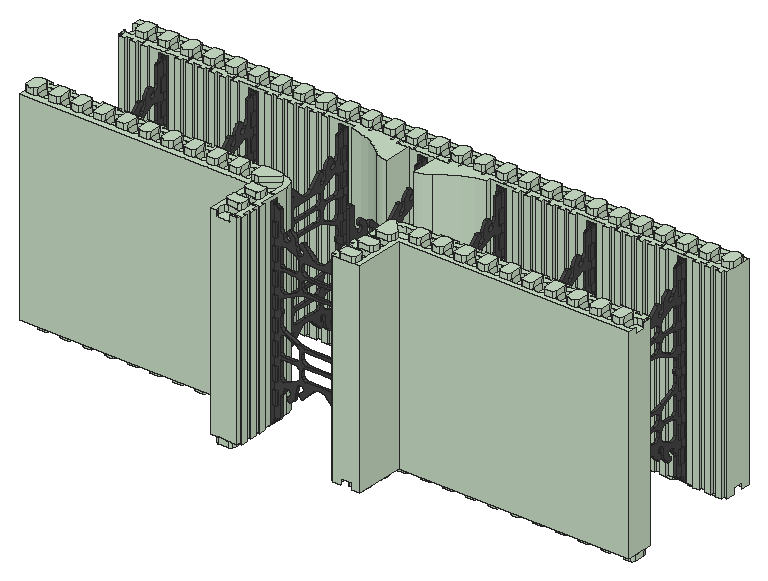
Revit family
Reference planes (in)
  plane 1 "Center (Front/Back)": y = -1
  plane 2: z = 0
  plane 3 "Center (Left/Right)": x = 1
  plane 4: y = 3
  plane 5: y = -5
  plane 6: x = 5
  plane 7: x = -3
  plane 8: z = 18
Forms (in)
  Extrusion 1, solid, material "NUDURA Expanded Polystyrene Foam Insulation"
    sketch origin (0, 0, 0) x (1, 0, 0) y (0, 1, 0)
      loop
        arc (-3.25, -6.49998) -> (-3.61612, -5.6161) -> (-4.5, -5.24998) r 1.25
        line (-4.5, -5.24998) -> (-7.28117, -5.24998) -> (-7.21883, -4.99998) -> (-7.78117, -4.99998) -> (-7.71883, -5.24998) -> (-8.28117, -5.24998) -> (-8.21883, -4.99998) -> (-8.78117, -4.99998) -> (-8.71883, -5.24998) -> (-9.28117, -5.24998) -> (-9.21883, -4.99998) -> (-9.78117, -4.99998) -> (-9.71883, -5.24998) -> (-10.28117, -5.24998) -> (-10.21883, -4.99998) -> (-10.78117, -4.99998) -> (-10.71883, -5.24998) -> (-11.2818, -5.24998) -> (-11.21947, -4.99998) -> (-11.7818, -4.99998) -> (-11.71947, -5.24998) -> (-12.2818, -5.24998) -> (-12.21947, -4.99998) -> (-12.7818, -4.99998) -> (-12.71947, -5.24998) -> (-15.28116, -5.24998) -> (-15.21883, -4.99998) -> (-15.78116, -4.99998) -> (-15.71883, -5.24998) -> (-16.28116, -5.24998) -> (-16.21883, -4.99998) -> (-16.78116, -4.99998) -> (-16.71883, -5.24998) -> (-17.28116, -5.24998) -> (-17.21883, -4.99998) -> (-17.78116, -4.99998) -> (-17.71883, -5.24998) -> (-18.28179, -5.24998) -> (-18.21946, -4.99998) -> (-18.78179, -4.99998) -> (-18.71946, -5.24998) -> (-19.28179, -5.24998) -> (-19.21946, -4.99998) -> (-19.78179, -4.99998) -> (-19.71946, -5.24998) -> (-20.28179, -5.24998) -> (-20.21946, -4.99998) -> (-20.78179, -4.99998) -> (-20.71946, -5.24998) -> (-23.28115, -5.24998) -> (-23.21882, -4.99998) -> (-23.78115, -4.99998) -> (-23.71882, -5.24998) -> (-24.28115, -5.24998) -> (-24.21882, -4.99998) -> (-24.78115, -4.99998) -> (-24.71882, -5.24998) -> (-25.28115, -5.24998) -> (-25.21882, -4.99998) -> (-25.78115, -4.99998) -> (-25.71882, -5.24998) -> (-26, -5.24998) -> (-26, -7.62244) -> (-5.625, -7.62244) -> (-5.625, -11.99744) -> (-3.25, -11.99744) -> (-3.25, -11.71882) -> (-3, -11.78115) -> (-3, -11.21882) -> (-3.25, -11.28115) -> (-3.25, -10.71882) -> (-3, -10.78115) -> (-3, -10.21882) -> (-3.25, -10.28115) -> (-3.25, -9.71882) -> (-3, -9.78115) -> (-3, -9.21882) -> (-3.25, -9.28115) -> (-3.25, -6.49998)
      loop
        line (7, 2.875) -> (7, 3.25) -> (9.28117, 3.25) -> (9.21883, 3) -> (9.78117, 3) -> (9.71883, 3.25) -> (10.28117, 3.25) -> (10.21883, 3) -> (10.78117, 3) -> (10.71883, 3.25) -> (11.28117, 3.25) -> (11.21883, 3) -> (11.78117, 3) -> (11.71883, 3.25) -> (12.28053, 3.25) -> (12.2182, 3) -> (12.78053, 3) -> (12.7182, 3.25) -> (13.28053, 3.25) -> (13.2182, 3) -> (13.78053, 3) -> (13.7182, 3.25) -> (14.28053, 3.25) -> (14.2182, 3) -> (14.78053, 3) -> (14.7182, 3.25) -> (17.28116, 3.25) -> (17.21883, 3) -> (17.78116, 3) -> (17.71883, 3.25) -> (18.28116, 3.25) -> (18.21883, 3) -> (18.78116, 3) -> (18.71883, 3.25) -> (19.28116, 3.25) -> (19.21883, 3) -> (19.78116, 3) -> (19.71883, 3.25) -> (20.28053, 3.25) -> (20.21819, 3) -> (20.78053, 3) -> (20.71819, 3.25) -> (21.28053, 3.25) -> (21.21819, 3) -> (21.78053, 3) -> (21.71819, 3.25) -> (22.28053, 3.25) -> (22.21819, 3) -> (22.78053, 3) -> (22.71819, 3.25) -> (25.28115, 3.25) -> (25.21882, 3) -> (25.78115, 3) -> (25.71882, 3.25) -> (26.28115, 3.25) -> (26.21882, 3) -> (26.78115, 3) -> (26.71882, 3.25) -> (27.28115, 3.25) -> (27.21882, 3) -> (27.78115, 3) -> (27.71882, 3.25) -> (28, 3.25) -> (28, 5.62754) -> (3.25, 5.62754) -> (3.25, 5.17633) -> (3, 5.24332) -> (3, 4.63633) -> (3.25, 4.69867) -> (3.25, 4.17633) -> (3, 4.24332) -> (3, 3.63633) -> (3.25, 3.69867) -> (3.25, 3.25) -> (2.21883, 3.25) -> (2.21883, 0.75162)
        arc (2.21883, 0.75162) -> (2.91296, 0.90605) -> (3.50918, 1.29358) r 2
        arc (3.50918, 1.29358) -> (5.12304, 2.37468) -> (7, 2.875) r 5.91797
      loop
        line (-0.21883, 0.75162) -> (-0.21883, 3.25) -> (-1.25, 3.25) -> (-1.25, 3.69867) -> (-1, 3.63633) -> (-1, 4.24332) -> (-1.25, 4.17633) -> (-1.25, 4.69867) -> (-1, 4.63633) -> (-1, 5.24332) -> (-1.25, 5.17633) -> (-1.25, 5.62754) -> (-26, 5.62754) -> (-26, 3.25) -> (-25.71882, 3.25) -> (-25.78115, 3) -> (-25.21882, 3) -> (-25.28115, 3.25) -> (-24.71882, 3.25) -> (-24.78115, 3) -> (-24.21882, 3) -> (-24.28115, 3.25) -> (-23.71882, 3.25) -> (-23.78115, 3) -> (-23.21882, 3) -> (-23.28115, 3.25) -> (-20.71819, 3.25) -> (-20.78053, 3) -> (-20.21819, 3) -> (-20.28053, 3.25) -> (-19.71819, 3.25) -> (-19.78053, 3) -> (-19.21819, 3) -> (-19.28053, 3.25) -> (-18.71819, 3.25) -> (-18.78053, 3) -> (-18.21819, 3) -> (-18.28053, 3.25) -> (-17.71883, 3.25) -> (-17.78116, 3) -> (-17.21883, 3) -> (-17.28116, 3.25) -> (-16.71883, 3.25) -> (-16.78116, 3) -> (-16.21883, 3) -> (-16.28116, 3.25) -> (-15.71883, 3.25) -> (-15.78116, 3) -> (-15.21883, 3) -> (-15.28116, 3.25) -> (-12.7182, 3.25) -> (-12.78053, 3) -> (-12.2182, 3) -> (-12.28053, 3.25) -> (-11.7182, 3.25) -> (-11.78053, 3) -> (-11.2182, 3) -> (-11.28053, 3.25) -> (-10.7182, 3.25) -> (-10.78053, 3) -> (-10.2182, 3) -> (-10.28053, 3.25) -> (-9.71883, 3.25) -> (-9.78117, 3) -> (-9.21883, 3) -> (-9.28117, 3.25) -> (-8.71883, 3.25) -> (-8.78117, 3) -> (-8.21883, 3) -> (-8.28117, 3.25) -> (-7.71883, 3.25) -> (-7.78117, 3) -> (-7.21883, 3) -> (-7.28117, 3.25) -> (-5, 3.25) -> (-5, 2.875)
        arc (-5, 2.875) -> (-3.12304, 2.37468) -> (-1.50918, 1.29358) r 5.91797
        arc (-1.50918, 1.29358) -> (-0.91296, 0.90605) -> (-0.21883, 0.75162) r 2
      loop
        line (5.25, -6.49998) -> (5.25, -9.28115) -> (5, -9.21882) -> (5, -9.78115) -> (5.25, -9.71882) -> (5.25, -10.28115) -> (5, -10.21882) -> (5, -10.78115) -> (5.25, -10.71882) -> (5.25, -11.28115) -> (5, -11.21882) -> (5, -11.78115) -> (5.25, -11.71882) -> (5.25, -11.99998) -> (7.625, -11.99998) -> (7.625, -7.62244) -> (28, -7.62244) -> (28, -5.24998) -> (27.71882, -5.24998) -> (27.78115, -4.99998) -> (27.21882, -4.99998) -> (27.28115, -5.24998) -> (26.71882, -5.24998) -> (26.78115, -4.99998) -> (26.21882, -4.99998) -> (26.28115, -5.24998) -> (25.71882, -5.24998) -> (25.78115, -4.99998) -> (25.21882, -4.99998) -> (25.28115, -5.24998) -> (22.71946, -5.24998) -> (22.78179, -4.99998) -> (22.21946, -4.99998) -> (22.28179, -5.24998) -> (21.71946, -5.24998) -> (21.78179, -4.99998) -> (21.21946, -4.99998) -> (21.28179, -5.24998) -> (20.71946, -5.24998) -> (20.78179, -4.99998) -> (20.21946, -4.99998) -> (20.28179, -5.24998) -> (19.71883, -5.24998) -> (19.78116, -4.99998) -> (19.21883, -4.99998) -> (19.28116, -5.24998) -> (18.71883, -5.24998) -> (18.78116, -4.99998) -> (18.21883, -4.99998) -> (18.28116, -5.24998) -> (17.71883, -5.24998) -> (17.78116, -4.99998) -> (17.21883, -4.99998) -> (17.28116, -5.24998) -> (14.71947, -5.24998) -> (14.7818, -4.99998) -> (14.21947, -4.99998) -> (14.2818, -5.24998) -> (13.71947, -5.24998) -> (13.7818, -4.99998) -> (13.21947, -4.99998) -> (13.2818, -5.24998) -> (12.71947, -5.24998) -> (12.7818, -4.99998) -> (12.21947, -4.99998) -> (12.2818, -5.24998) -> (11.71883, -5.24998) -> (11.78117, -4.99998) -> (11.21883, -4.99998) -> (11.28117, -5.24998) -> (10.71883, -5.24998) -> (10.78117, -4.99998) -> (10.21883, -4.99998) -> (10.28117, -5.24998) -> (9.71883, -5.24998) -> (9.78117, -4.99998) -> (9.21883, -4.99998) -> (9.28117, -5.24998) -> (6.5, -5.24998)
        arc (6.5, -5.24998) -> (5.61612, -5.6161) -> (5.25, -6.49998) r 1.25
    from 0 to 18
  Extrusion 2, void
    sketch origin (0, 14, 0) x (1, 0, 0) y (0, 1, 0)
      loop
        arc (-5.13595, -25.17306) -> (-5.1875, -25.49998) -> (-5.13595, -25.8269) r 1.0625
        arc (-5.13595, -25.8269) -> (-5.0592, -25.94114) -> (-4.93362, -25.99744) r 0.25
        line (-4.93362, -25.99744) -> (-3.94138, -25.99744)
        arc (-3.94138, -25.99744) -> (-3.86932, -25.97564) -> (-3.80702, -25.93338) r 0.25
        arc (-3.80702, -25.93338) -> (-3.78736, -25.92104) -> (-3.76455, -25.91673) r 0.0625
        line (-3.76455, -25.91673) -> (-3.41845, -25.91673) -> (-3.41845, -25.7459) -> (-3.64005, -25.7459)
        arc (-3.64005, -25.7459) -> (-3.68771, -25.72383) -> (-3.70172, -25.67321) r 0.0625
        arc (-3.70172, -25.67321) -> (-3.69045, -25.4209) -> (-3.73905, -25.17306) r 1.0625
        arc (-3.73905, -25.17306) -> (-3.82983, -25.04783) -> (-3.97692, -24.99998) r 0.25
        line (-3.97692, -24.99998) -> (-4.89808, -24.99998)
        arc (-4.89808, -24.99998) -> (-5.04517, -25.04783) -> (-5.13595, -25.17306) r 0.25
    from 18 to 17.5
  Extrusion 3, void
    sketch origin (0, 16, 0) x (1, 0, 0) y (0, 1, 0)
      loop
        arc (-5.13595, -25.17306) -> (-5.1875, -25.49998) -> (-5.13595, -25.8269) r 1.0625
        arc (-5.13595, -25.8269) -> (-5.04517, -25.95213) -> (-4.89808, -25.99998) r 0.25
        line (-4.89808, -25.99998) -> (-3.97692, -25.99998)
        arc (-3.97692, -25.99998) -> (-3.88568, -25.98274) -> (-3.80702, -25.93338) r 0.25
        arc (-3.80702, -25.93338) -> (-3.78736, -25.92104) -> (-3.76455, -25.91673) r 0.0625
        line (-3.76455, -25.91673) -> (-3.41845, -25.91673) -> (-3.41845, -25.7459) -> (-3.64005, -25.7459)
        arc (-3.64005, -25.7459) -> (-3.68771, -25.72383) -> (-3.70172, -25.67321) r 0.0625
        arc (-3.70172, -25.67321) -> (-3.69045, -25.4209) -> (-3.73905, -25.17306) r 1.0625
        arc (-3.73905, -25.17306) -> (-3.82983, -25.04783) -> (-3.97692, -24.99998) r 0.25
        line (-3.97692, -24.99998) -> (-4.89808, -24.99998)
        arc (-4.89808, -24.99998) -> (-5.04517, -25.04783) -> (-5.13595, -25.17306) r 0.25
    from 18 to 17.5
  Extrusion 4, void
    sketch origin (0, -2, 0) x (1, 0, 0) y (0, 1, 0)
      loop
        line (-5.1875, -5.18748) -> (-5.1875, -5.49998)
        arc (-5.1875, -5.49998) -> (-5.17453, -5.66546) -> (-5.13595, -5.8269) r 1.0625
        arc (-5.13595, -5.8269) -> (-5.04517, -5.95213) -> (-4.89808, -5.99998) r 0.25
        line (-4.89808, -5.99998) -> (-3.97692, -5.99998)
        arc (-3.97692, -5.99998) -> (-3.88568, -5.98274) -> (-3.80702, -5.93338) r 0.25
        arc (-3.80702, -5.93338) -> (-3.78736, -5.92104) -> (-3.76455, -5.91673) r 0.0625
        line (-3.76455, -5.91673) -> (-3.41845, -5.91673) -> (-3.41845, -5.7459) -> (-3.64005, -5.7459)
        arc (-3.64005, -5.7459) -> (-3.68771, -5.72383) -> (-3.70172, -5.67321) r 0.0625
        arc (-3.70172, -5.67321) -> (-3.69106, -5.58689) -> (-3.6875, -5.49998) r 1.0625
        line (-3.6875, -5.49998) -> (-3.6875, -4.68748)
        arc (-3.6875, -4.68748) -> (-3.76362, -4.3048) -> (-3.98039, -3.98037) r 1
        line (-3.98039, -3.98037) -> (-5.1875, -5.18748)
    from 18 to 17.5
  Extrusion 5, void
    sketch origin (-31.99998, -1.99998, 0) x (0, 1, 0) y (-1, 0, 0)
      loop
        arc (-5.13595, -25.17306) -> (-5.1875, -25.49998) -> (-5.13595, -25.8269) r 1.0625
        arc (-5.13595, -25.8269) -> (-5.04517, -25.95213) -> (-4.89808, -25.99998) r 0.25
        line (-4.89808, -25.99998) -> (-3.97692, -25.99998)
        arc (-3.97692, -25.99998) -> (-3.88568, -25.98274) -> (-3.80702, -25.93338) r 0.25
        arc (-3.80702, -25.93338) -> (-3.78736, -25.92104) -> (-3.76455, -25.91673) r 0.0625
        line (-3.76455, -25.91673) -> (-3.41845, -25.91673) -> (-3.41845, -25.7459) -> (-3.64005, -25.7459)
        arc (-3.64005, -25.7459) -> (-3.68771, -25.72383) -> (-3.70172, -25.67321) r 0.0625
        arc (-3.70172, -25.67321) -> (-3.69045, -25.4209) -> (-3.73905, -25.17306) r 1.0625
        arc (-3.73905, -25.17306) -> (-3.82983, -25.04783) -> (-3.97692, -24.99998) r 0.25
        line (-3.97692, -24.99998) -> (-4.89808, -24.99998)
        arc (-4.89808, -24.99998) -> (-5.04517, -25.04783) -> (-5.13595, -25.17306) r 0.25
    from 18 to 17.5
  Extrusion 6, void
    sketch origin (-33.99998, -1.99998, 0) x (0, 1, 0) y (-1, 0, 0)
      loop
        arc (-5.13595, -25.17306) -> (-5.1875, -25.49998) -> (-5.13595, -25.8269) r 1.0625
        arc (-5.13595, -25.8269) -> (-5.04517, -25.95213) -> (-4.89808, -25.99998) r 0.25
        line (-4.89808, -25.99998) -> (-3.97692, -25.99998)
        arc (-3.97692, -25.99998) -> (-3.88568, -25.98274) -> (-3.80702, -25.93338) r 0.25
        arc (-3.80702, -25.93338) -> (-3.78736, -25.92104) -> (-3.76455, -25.91673) r 0.0625
        line (-3.76455, -25.91673) -> (-3.41845, -25.91673) -> (-3.41845, -25.7459) -> (-3.64005, -25.7459)
        arc (-3.64005, -25.7459) -> (-3.68771, -25.72383) -> (-3.70172, -25.67321) r 0.0625
        arc (-3.70172, -25.67321) -> (-3.69045, -25.4209) -> (-3.73905, -25.17306) r 1.0625
        arc (-3.73905, -25.17306) -> (-3.82983, -25.04783) -> (-3.97692, -24.99998) r 0.25
        line (-3.97692, -24.99998) -> (-4.89808, -24.99998)
        arc (-4.89808, -24.99998) -> (-5.04517, -25.04783) -> (-5.13595, -25.17306) r 0.25
    from 18 to 17.5
  Extrusion 7, void
    sketch origin (0, -35.99996, 0) x (1, 0, 0) y (0, 1, 0)
      loop
        arc (-5.13595, 25.17306) -> (-5.04517, 25.04783) -> (-4.89808, 24.99998) r 0.25
        line (-4.89808, 24.99998) -> (-3.97692, 24.99998)
        arc (-3.97692, 24.99998) -> (-3.82983, 25.04783) -> (-3.73905, 25.17306) r 0.25
        arc (-3.73905, 25.17306) -> (-3.69045, 25.4209) -> (-3.70172, 25.67321) r 1.0625
        arc (-3.70172, 25.67321) -> (-3.68771, 25.72383) -> (-3.64005, 25.7459) r 0.0625
        line (-3.64005, 25.7459) -> (-3.41845, 25.7459) -> (-3.41845, 25.91673) -> (-3.76455, 25.91673)
        arc (-3.76455, 25.91673) -> (-3.78736, 25.92104) -> (-3.80702, 25.93338) r 0.0625
        arc (-3.80702, 25.93338) -> (-3.88568, 25.98274) -> (-3.97692, 25.99998) r 0.25
        line (-3.97692, 25.99998) -> (-4.89808, 25.99998)
        arc (-4.89808, 25.99998) -> (-5.04517, 25.95213) -> (-5.13595, 25.8269) r 0.25
        arc (-5.13595, 25.8269) -> (-5.1875, 25.49998) -> (-5.13595, 25.17306) r 1.0625
    from 0 to 0.5
  Extrusion 8, void
    sketch origin (0, -33.99996, 0) x (1, 0, 0) y (0, 1, 0)
      loop
        arc (-5.13595, 25.17306) -> (-5.04517, 25.04783) -> (-4.89808, 24.99998) r 0.25
        line (-4.89808, 24.99998) -> (-3.97692, 24.99998)
        arc (-3.97692, 24.99998) -> (-3.82983, 25.04783) -> (-3.73905, 25.17306) r 0.25
        arc (-3.73905, 25.17306) -> (-3.69045, 25.4209) -> (-3.70172, 25.67321) r 1.0625
        arc (-3.70172, 25.67321) -> (-3.68771, 25.72383) -> (-3.64005, 25.7459) r 0.0625
        line (-3.64005, 25.7459) -> (-3.41845, 25.7459) -> (-3.41845, 25.91673) -> (-3.76455, 25.91673)
        arc (-3.76455, 25.91673) -> (-3.78736, 25.92104) -> (-3.80702, 25.93338) r 0.0625
        arc (-3.80702, 25.93338) -> (-3.88568, 25.98274) -> (-3.97692, 25.99998) r 0.25
        line (-3.97692, 25.99998) -> (-4.89808, 25.99998)
        arc (-4.89808, 25.99998) -> (-5.04517, 25.95213) -> (-5.13595, 25.8269) r 0.25
        arc (-5.13595, 25.8269) -> (-5.1875, 25.49998) -> (-5.13595, 25.17306) r 1.0625
    from 0 to 0.5
  Extrusion 9, void
    sketch origin (-0.00002, -1.99998, 0) x (0, 1, 0) y (-1, 0, 0)
      loop
        line (-5.1875, 5.18748) -> (-3.98039, 3.98037)
        arc (-3.98039, 3.98037) -> (-3.76362, 4.3048) -> (-3.6875, 4.68748) r 1
        line (-3.6875, 4.68748) -> (-3.6875, 5.49998)
        arc (-3.6875, 5.49998) -> (-3.69106, 5.58689) -> (-3.70172, 5.67321) r 1.0625
        arc (-3.70172, 5.67321) -> (-3.68771, 5.72383) -> (-3.64005, 5.7459) r 0.0625
        line (-3.64005, 5.7459) -> (-3.41845, 5.7459) -> (-3.41845, 5.91673) -> (-3.76455, 5.91673)
        arc (-3.76455, 5.91673) -> (-3.78736, 5.92104) -> (-3.80702, 5.93338) r 0.0625
        arc (-3.80702, 5.93338) -> (-3.88568, 5.98274) -> (-3.97692, 5.99998) r 0.25
        line (-3.97692, 5.99998) -> (-4.89808, 5.99998)
        arc (-4.89808, 5.99998) -> (-5.04517, 5.95213) -> (-5.13595, 5.8269) r 0.25
        arc (-5.13595, 5.8269) -> (-5.17453, 5.66546) -> (-5.1875, 5.49998) r 1.0625
        line (-5.1875, 5.49998) -> (-5.1875, 5.18748)
    from 0 to 0.5
  Extrusion 10, void
    sketch origin (17.99998, -1.99998, 0) x (0, 1, 0) y (-1, 0, 0)
      loop
        arc (-5.13595, 25.17306) -> (-5.04517, 25.04783) -> (-4.89808, 24.99998) r 0.25
        line (-4.89808, 24.99998) -> (-3.97692, 24.99998)
        arc (-3.97692, 24.99998) -> (-3.82983, 25.04783) -> (-3.73905, 25.17306) r 0.25
        arc (-3.73905, 25.17306) -> (-3.69045, 25.4209) -> (-3.70172, 25.67321) r 1.0625
        arc (-3.70172, 25.67321) -> (-3.68771, 25.72383) -> (-3.64005, 25.7459) r 0.0625
        line (-3.64005, 25.7459) -> (-3.41845, 25.7459) -> (-3.41845, 25.91673) -> (-3.76455, 25.91673)
        arc (-3.76455, 25.91673) -> (-3.78736, 25.92104) -> (-3.80702, 25.93338) r 0.0625
        arc (-3.80702, 25.93338) -> (-3.88568, 25.98274) -> (-3.97692, 25.99998) r 0.25
        line (-3.97692, 25.99998) -> (-4.89808, 25.99998)
        arc (-4.89808, 25.99998) -> (-5.04517, 25.95213) -> (-5.13595, 25.8269) r 0.25
        arc (-5.13595, 25.8269) -> (-5.1875, 25.49998) -> (-5.13595, 25.17306) r 1.0625
    from 0 to 0.5
  Extrusion 11, void
    sketch origin (15.99998, -1.99998, 0) x (0, 1, 0) y (-1, 0, 0)
      loop
        arc (-5.13595, 25.17306) -> (-5.04517, 25.04783) -> (-4.89808, 24.99998) r 0.25
        line (-4.89808, 24.99998) -> (-3.97692, 24.99998)
        arc (-3.97692, 24.99998) -> (-3.82983, 25.04783) -> (-3.73905, 25.17306) r 0.25
        arc (-3.73905, 25.17306) -> (-3.69045, 25.4209) -> (-3.70172, 25.67321) r 1.0625
        arc (-3.70172, 25.67321) -> (-3.68771, 25.72383) -> (-3.64005, 25.7459) r 0.0625
        line (-3.64005, 25.7459) -> (-3.41845, 25.7459) -> (-3.41845, 25.91673) -> (-3.76455, 25.91673)
        arc (-3.76455, 25.91673) -> (-3.78736, 25.92104) -> (-3.80702, 25.93338) r 0.0625
        arc (-3.80702, 25.93338) -> (-3.88568, 25.98274) -> (-3.97692, 25.99998) r 0.25
        line (-3.97692, 25.99998) -> (-4.89808, 25.99998)
        arc (-4.89808, 25.99998) -> (-5.04517, 25.95213) -> (-5.13595, 25.8269) r 0.25
        arc (-5.13595, 25.8269) -> (-5.1875, 25.49998) -> (-5.13595, 25.17306) r 1.0625
    from 0 to 0.5
  Extrusion 12, void
    sketch origin (2, -35.99996, 0) x (-1, 0, 0) y (0, -1, 0)
      loop
        arc (-5.13595, -25.17306) -> (-5.1875, -25.49998) -> (-5.13595, -25.8269) r 1.0625
        arc (-5.13595, -25.8269) -> (-5.04517, -25.95213) -> (-4.89808, -25.99998) r 0.25
        line (-4.89808, -25.99998) -> (-3.97692, -25.99998)
        arc (-3.97692, -25.99998) -> (-3.88568, -25.98274) -> (-3.80702, -25.93338) r 0.25
        arc (-3.80702, -25.93338) -> (-3.78736, -25.92104) -> (-3.76455, -25.91673) r 0.0625
        line (-3.76455, -25.91673) -> (-3.41845, -25.91673) -> (-3.41845, -25.7459) -> (-3.64005, -25.7459)
        arc (-3.64005, -25.7459) -> (-3.68771, -25.72383) -> (-3.70172, -25.67321) r 0.0625
        arc (-3.70172, -25.67321) -> (-3.69045, -25.4209) -> (-3.73905, -25.17306) r 1.0625
        arc (-3.73905, -25.17306) -> (-3.82983, -25.04783) -> (-3.97692, -24.99998) r 0.25
        line (-3.97692, -24.99998) -> (-4.89808, -24.99998)
        arc (-4.89808, -24.99998) -> (-5.04517, -25.04783) -> (-5.13595, -25.17306) r 0.25
    from 18 to 17.5
  Extrusion 13, void
    sketch origin (2, -33.99996, 0) x (-1, 0, 0) y (0, -1, 0)
      loop
        arc (-5.13595, -25.17306) -> (-5.1875, -25.49998) -> (-5.13595, -25.8269) r 1.0625
        arc (-5.13595, -25.8269) -> (-5.04517, -25.95213) -> (-4.89808, -25.99998) r 0.25
        line (-4.89808, -25.99998) -> (-3.97692, -25.99998)
        arc (-3.97692, -25.99998) -> (-3.88568, -25.98274) -> (-3.80702, -25.93338) r 0.25
        arc (-3.80702, -25.93338) -> (-3.78736, -25.92104) -> (-3.76455, -25.91673) r 0.0625
        line (-3.76455, -25.91673) -> (-3.41845, -25.91673) -> (-3.41845, -25.7459) -> (-3.64005, -25.7459)
        arc (-3.64005, -25.7459) -> (-3.68771, -25.72383) -> (-3.70172, -25.67321) r 0.0625
        arc (-3.70172, -25.67321) -> (-3.69045, -25.4209) -> (-3.73905, -25.17306) r 1.0625
        arc (-3.73905, -25.17306) -> (-3.82983, -25.04783) -> (-3.97692, -24.99998) r 0.25
        line (-3.97692, -24.99998) -> (-4.89808, -24.99998)
        arc (-4.89808, -24.99998) -> (-5.04517, -25.04783) -> (-5.13595, -25.17306) r 0.25
    from 18 to 17.5
  Extrusion 14, void
    sketch origin (-15.99998, -1.99998, 0) x (0, 1, 0) y (-1, 0, 0)
      loop
        arc (-5.13595, -25.17306) -> (-5.1875, -25.49998) -> (-5.13595, -25.8269) r 1.0625
        arc (-5.13595, -25.8269) -> (-5.04517, -25.95213) -> (-4.89808, -25.99998) r 0.25
        line (-4.89808, -25.99998) -> (-3.97692, -25.99998)
        arc (-3.97692, -25.99998) -> (-3.88568, -25.98274) -> (-3.80702, -25.93338) r 0.25
        arc (-3.80702, -25.93338) -> (-3.78736, -25.92104) -> (-3.76455, -25.91673) r 0.0625
        line (-3.76455, -25.91673) -> (-3.41845, -25.91673) -> (-3.41845, -25.7459) -> (-3.64005, -25.7459)
        arc (-3.64005, -25.7459) -> (-3.68771, -25.72383) -> (-3.70172, -25.67321) r 0.0625
        arc (-3.70172, -25.67321) -> (-3.69045, -25.4209) -> (-3.73905, -25.17306) r 1.0625
        arc (-3.73905, -25.17306) -> (-3.82983, -25.04783) -> (-3.97692, -24.99998) r 0.25
        line (-3.97692, -24.99998) -> (-4.89808, -24.99998)
        arc (-4.89808, -24.99998) -> (-5.04517, -25.04783) -> (-5.13595, -25.17306) r 0.25
    from 18 to 17.5
  Extrusion 15, void
    sketch origin (-13.99998, -1.99998, 0) x (0, 1, 0) y (-1, 0, 0)
      loop
        arc (-5.13595, -25.17306) -> (-5.1875, -25.49998) -> (-5.13595, -25.8269) r 1.0625
        arc (-5.13595, -25.8269) -> (-5.04517, -25.95213) -> (-4.89808, -25.99998) r 0.25
        line (-4.89808, -25.99998) -> (-3.97692, -25.99998)
        arc (-3.97692, -25.99998) -> (-3.88568, -25.98274) -> (-3.80702, -25.93338) r 0.25
        arc (-3.80702, -25.93338) -> (-3.78736, -25.92104) -> (-3.76455, -25.91673) r 0.0625
        line (-3.76455, -25.91673) -> (-3.41845, -25.91673) -> (-3.41845, -25.7459) -> (-3.64005, -25.7459)
        arc (-3.64005, -25.7459) -> (-3.68771, -25.72383) -> (-3.70172, -25.67321) r 0.0625
        arc (-3.70172, -25.67321) -> (-3.69045, -25.4209) -> (-3.73905, -25.17306) r 1.0625
        arc (-3.73905, -25.17306) -> (-3.82983, -25.04783) -> (-3.97692, -24.99998) r 0.25
        line (-3.97692, -24.99998) -> (-4.89808, -24.99998)
        arc (-4.89808, -24.99998) -> (-5.04517, -25.04783) -> (-5.13595, -25.17306) r 0.25
    from 18 to 17.5
  Extrusion 16, void
    sketch origin (2, -2, 0) x (1, 0, 0) y (0, 1, 0)
      loop
        arc (5.67323, -3.7017) -> (5.58691, -3.69104) -> (5.5, -3.68748) r 1.0625
        line (5.5, -3.68748) -> (4.6875, -3.68748)
        arc (4.6875, -3.68748) -> (4.30482, -3.7636) -> (3.98039, -3.98037) r 1
        line (3.98039, -3.98037) -> (5.1875, -5.18748) -> (5.5, -5.18748)
        arc (5.5, -5.18748) -> (5.66548, -5.17452) -> (5.82692, -5.13593) r 1.0625
        arc (5.82692, -5.13593) -> (5.95215, -5.04515) -> (6, -4.89806) r 0.25
        line (6, -4.89806) -> (6, -3.9769)
        arc (6, -3.9769) -> (5.98276, -3.88566) -> (5.9334, -3.807) r 0.25
        arc (5.9334, -3.807) -> (5.92106, -3.78734) -> (5.91675, -3.76453) r 0.0625
        line (5.91675, -3.76453) -> (5.91675, -3.41844) -> (5.74592, -3.41844) -> (5.74592, -3.64003)
        arc (5.74592, -3.64003) -> (5.72385, -3.68769) -> (5.67323, -3.7017) r 0.0625
    from 18 to 17.5
  Extrusion 17, void
    sketch origin (2, 14, 0) x (-1, 0, 0) y (0, -1, 0)
      loop
        arc (-5.13595, 25.17306) -> (-5.04517, 25.04783) -> (-4.89808, 24.99998) r 0.25
        line (-4.89808, 24.99998) -> (-3.97692, 24.99998)
        arc (-3.97692, 24.99998) -> (-3.82983, 25.04783) -> (-3.73905, 25.17306) r 0.25
        arc (-3.73905, 25.17306) -> (-3.69045, 25.4209) -> (-3.70172, 25.67321) r 1.0625
        arc (-3.70172, 25.67321) -> (-3.68771, 25.72383) -> (-3.64005, 25.7459) r 0.0625
        line (-3.64005, 25.7459) -> (-3.41845, 25.7459) -> (-3.41845, 25.91673) -> (-3.76455, 25.91673)
        arc (-3.76455, 25.91673) -> (-3.78736, 25.92104) -> (-3.80702, 25.93338) r 0.0625
        arc (-3.80702, 25.93338) -> (-3.88568, 25.98274) -> (-3.97692, 25.99998) r 0.25
        line (-3.97692, 25.99998) -> (-4.89808, 25.99998)
        arc (-4.89808, 25.99998) -> (-5.04517, 25.95213) -> (-5.13595, 25.8269) r 0.25
        arc (-5.13595, 25.8269) -> (-5.1875, 25.49998) -> (-5.13595, 25.17306) r 1.0625
    from 0 to 0.5
  Extrusion 18, void
    sketch origin (2, 16, 0) x (-1, 0, 0) y (0, -1, 0)
      loop
        arc (-5.13595, 25.17306) -> (-5.04517, 25.04783) -> (-4.89808, 24.99998) r 0.25
        line (-4.89808, 24.99998) -> (-3.97692, 24.99998)
        arc (-3.97692, 24.99998) -> (-3.82983, 25.04783) -> (-3.73905, 25.17306) r 0.25
        arc (-3.73905, 25.17306) -> (-3.69045, 25.4209) -> (-3.70172, 25.67321) r 1.0625
        arc (-3.70172, 25.67321) -> (-3.68771, 25.72383) -> (-3.64005, 25.7459) r 0.0625
        line (-3.64005, 25.7459) -> (-3.41845, 25.7459) -> (-3.41845, 25.91673) -> (-3.76455, 25.91673)
        arc (-3.76455, 25.91673) -> (-3.78736, 25.92104) -> (-3.80702, 25.93338) r 0.0625
        arc (-3.80702, 25.93338) -> (-3.88568, 25.98274) -> (-3.97692, 25.99998) r 0.25
        line (-3.97692, 25.99998) -> (-4.89808, 25.99998)
        arc (-4.89808, 25.99998) -> (-5.04517, 25.95213) -> (-5.13595, 25.8269) r 0.25
        arc (-5.13595, 25.8269) -> (-5.1875, 25.49998) -> (-5.13595, 25.17306) r 1.0625
    from 0 to 0.5
  Extrusion 19, void
    sketch origin (2.00002, -1.99998, 0) x (0, -1, 0) y (1, 0, 0)
      loop
        arc (5.67323, 3.7017) -> (5.72385, 3.68769) -> (5.74592, 3.64003) r 0.0625
        line (5.74592, 3.64003) -> (5.74592, 3.41844) -> (5.91675, 3.41844) -> (5.91675, 3.76453)
        arc (5.91675, 3.76453) -> (5.92106, 3.78734) -> (5.9334, 3.807) r 0.0625
        arc (5.9334, 3.807) -> (5.98276, 3.88566) -> (6, 3.9769) r 0.25
        line (6, 3.9769) -> (6, 4.89806)
        arc (6, 4.89806) -> (5.95215, 5.04515) -> (5.82692, 5.13593) r 0.25
        arc (5.82692, 5.13593) -> (5.66548, 5.17452) -> (5.5, 5.18748) r 1.0625
        line (5.5, 5.18748) -> (5.1875, 5.18748) -> (3.98039, 3.98037)
        arc (3.98039, 3.98037) -> (4.30482, 3.7636) -> (4.6875, 3.68748) r 1
        line (4.6875, 3.68748) -> (5.5, 3.68748)
        arc (5.5, 3.68748) -> (5.58691, 3.69104) -> (5.67323, 3.7017) r 1.0625
    from 0 to 0.5
  Extrusion 20, void
    sketch origin (33.99998, -1.99998, 0) x (0, 1, 0) y (-1, 0, 0)
      loop
        arc (-5.13595, 25.17306) -> (-5.04517, 25.04783) -> (-4.89808, 24.99998) r 0.25
        line (-4.89808, 24.99998) -> (-3.97692, 24.99998)
        arc (-3.97692, 24.99998) -> (-3.82983, 25.04783) -> (-3.73905, 25.17306) r 0.25
        arc (-3.73905, 25.17306) -> (-3.69045, 25.4209) -> (-3.70172, 25.67321) r 1.0625
        arc (-3.70172, 25.67321) -> (-3.68771, 25.72383) -> (-3.64005, 25.7459) r 0.0625
        line (-3.64005, 25.7459) -> (-3.41845, 25.7459) -> (-3.41845, 25.91673) -> (-3.76455, 25.91673)
        arc (-3.76455, 25.91673) -> (-3.78736, 25.92104) -> (-3.80702, 25.93338) r 0.0625
        arc (-3.80702, 25.93338) -> (-3.88568, 25.98274) -> (-3.97692, 25.99998) r 0.25
        line (-3.97692, 25.99998) -> (-4.89808, 25.99998)
        arc (-4.89808, 25.99998) -> (-5.04517, 25.95213) -> (-5.13595, 25.8269) r 0.25
        arc (-5.13595, 25.8269) -> (-5.1875, 25.49998) -> (-5.13595, 25.17306) r 1.0625
    from 0 to 0.5
  Extrusion 21, void
    sketch origin (35.99998, -1.99998, 0) x (0, 1, 0) y (-1, 0, 0)
      loop
        arc (-5.13595, 25.17306) -> (-5.04517, 25.04783) -> (-4.89808, 24.99998) r 0.25
        line (-4.89808, 24.99998) -> (-3.97692, 24.99998)
        arc (-3.97692, 24.99998) -> (-3.82983, 25.04783) -> (-3.73905, 25.17306) r 0.25
        arc (-3.73905, 25.17306) -> (-3.69045, 25.4209) -> (-3.70172, 25.67321) r 1.0625
        arc (-3.70172, 25.67321) -> (-3.68771, 25.72383) -> (-3.64005, 25.7459) r 0.0625
        line (-3.64005, 25.7459) -> (-3.41845, 25.7459) -> (-3.41845, 25.91673) -> (-3.76455, 25.91673)
        arc (-3.76455, 25.91673) -> (-3.78736, 25.92104) -> (-3.80702, 25.93338) r 0.0625
        arc (-3.80702, 25.93338) -> (-3.88568, 25.98274) -> (-3.97692, 25.99998) r 0.25
        line (-3.97692, 25.99998) -> (-4.89808, 25.99998)
        arc (-4.89808, 25.99998) -> (-5.04517, 25.95213) -> (-5.13595, 25.8269) r 0.25
        arc (-5.13595, 25.8269) -> (-5.1875, 25.49998) -> (-5.13595, 25.17306) r 1.0625
    from 0 to 0.5
  Extrusion 22, void
    sketch origin (15.99998, -0.00002, 0) x (0, -1, 0) y (1, 0, 0)
      loop
        arc (-5.13595, -25.17306) -> (-5.1875, -25.49998) -> (-5.13595, -25.8269) r 1.0625
        arc (-5.13595, -25.8269) -> (-5.04517, -25.95213) -> (-4.89808, -25.99998) r 0.25
        line (-4.89808, -25.99998) -> (-3.97692, -25.99998)
        arc (-3.97692, -25.99998) -> (-3.88568, -25.98274) -> (-3.80702, -25.93338) r 0.25
        arc (-3.80702, -25.93338) -> (-3.78736, -25.92104) -> (-3.76455, -25.91673) r 0.0625
        line (-3.76455, -25.91673) -> (-3.41845, -25.91673) -> (-3.41845, -25.7459) -> (-3.64005, -25.7459)
        arc (-3.64005, -25.7459) -> (-3.68771, -25.72383) -> (-3.70172, -25.67321) r 0.0625
        arc (-3.70172, -25.67321) -> (-3.69045, -25.4209) -> (-3.73905, -25.17306) r 1.0625
        arc (-3.73905, -25.17306) -> (-3.82983, -25.04783) -> (-3.97692, -24.99998) r 0.25
        line (-3.97692, -24.99998) -> (-4.89808, -24.99998)
        arc (-4.89808, -24.99998) -> (-5.04517, -25.04783) -> (-5.13595, -25.17306) r 0.25
    from 18 to 17.5
  Extrusion 23, void
    sketch origin (17.99998, -0.00002, 0) x (0, -1, 0) y (1, 0, 0)
      loop
        arc (-5.13595, -25.17306) -> (-5.1875, -25.49998) -> (-5.13595, -25.8269) r 1.0625
        arc (-5.13595, -25.8269) -> (-5.04517, -25.95213) -> (-4.89808, -25.99998) r 0.25
        line (-4.89808, -25.99998) -> (-3.97692, -25.99998)
        arc (-3.97692, -25.99998) -> (-3.88568, -25.98274) -> (-3.80702, -25.93338) r 0.25
        arc (-3.80702, -25.93338) -> (-3.78736, -25.92104) -> (-3.76455, -25.91673) r 0.0625
        line (-3.76455, -25.91673) -> (-3.41845, -25.91673) -> (-3.41845, -25.7459) -> (-3.64005, -25.7459)
        arc (-3.64005, -25.7459) -> (-3.68771, -25.72383) -> (-3.70172, -25.67321) r 0.0625
        arc (-3.70172, -25.67321) -> (-3.69045, -25.4209) -> (-3.73905, -25.17306) r 1.0625
        arc (-3.73905, -25.17306) -> (-3.82983, -25.04783) -> (-3.97692, -24.99998) r 0.25
        line (-3.97692, -24.99998) -> (-4.89808, -24.99998)
        arc (-4.89808, -24.99998) -> (-5.04517, -25.04783) -> (-5.13595, -25.17306) r 0.25
    from 18 to 17.5
  Extrusion 24, void
    sketch origin (19.99998, -0.00002, 0) x (0, -1, 0) y (1, 0, 0)
      loop
        arc (-5.13595, -25.17306) -> (-5.1875, -25.49998) -> (-5.13595, -25.8269) r 1.0625
        arc (-5.13595, -25.8269) -> (-5.04517, -25.95213) -> (-4.89808, -25.99998) r 0.25
        line (-4.89808, -25.99998) -> (-3.97692, -25.99998)
        arc (-3.97692, -25.99998) -> (-3.88568, -25.98274) -> (-3.80702, -25.93338) r 0.25
        arc (-3.80702, -25.93338) -> (-3.78736, -25.92104) -> (-3.76455, -25.91673) r 0.0625
        line (-3.76455, -25.91673) -> (-3.41845, -25.91673) -> (-3.41845, -25.7459) -> (-3.64005, -25.7459)
        arc (-3.64005, -25.7459) -> (-3.68771, -25.72383) -> (-3.70172, -25.67321) r 0.0625
        arc (-3.70172, -25.67321) -> (-3.69045, -25.4209) -> (-3.73905, -25.17306) r 1.0625
        arc (-3.73905, -25.17306) -> (-3.82983, -25.04783) -> (-3.97692, -24.99998) r 0.25
        line (-3.97692, -24.99998) -> (-4.89808, -24.99998)
        arc (-4.89808, -24.99998) -> (-5.04517, -25.04783) -> (-5.13595, -25.17306) r 0.25
    from 18 to 17.5
  Extrusion 25, void
    sketch origin (21.99998, -0.00002, 0) x (0, -1, 0) y (1, 0, 0)
      loop
        arc (-5.13595, -25.17306) -> (-5.1875, -25.49998) -> (-5.13595, -25.8269) r 1.0625
        arc (-5.13595, -25.8269) -> (-5.04517, -25.95213) -> (-4.89808, -25.99998) r 0.25
        line (-4.89808, -25.99998) -> (-3.97692, -25.99998)
        arc (-3.97692, -25.99998) -> (-3.88568, -25.98274) -> (-3.80702, -25.93338) r 0.25
        arc (-3.80702, -25.93338) -> (-3.78736, -25.92104) -> (-3.76455, -25.91673) r 0.0625
        line (-3.76455, -25.91673) -> (-3.41845, -25.91673) -> (-3.41845, -25.7459) -> (-3.64005, -25.7459)
        arc (-3.64005, -25.7459) -> (-3.68771, -25.72383) -> (-3.70172, -25.67321) r 0.0625
        arc (-3.70172, -25.67321) -> (-3.69045, -25.4209) -> (-3.73905, -25.17306) r 1.0625
        arc (-3.73905, -25.17306) -> (-3.82983, -25.04783) -> (-3.97692, -24.99998) r 0.25
        line (-3.97692, -24.99998) -> (-4.89808, -24.99998)
        arc (-4.89808, -24.99998) -> (-5.04517, -25.04783) -> (-5.13595, -25.17306) r 0.25
    from 18 to 17.5
  Extrusion 26, void
    sketch origin (23.99998, -0.00002, 0) x (0, -1, 0) y (1, 0, 0)
      loop
        arc (-5.13595, -25.17306) -> (-5.1875, -25.49998) -> (-5.13595, -25.8269) r 1.0625
        arc (-5.13595, -25.8269) -> (-5.04517, -25.95213) -> (-4.89808, -25.99998) r 0.25
        line (-4.89808, -25.99998) -> (-3.97692, -25.99998)
        arc (-3.97692, -25.99998) -> (-3.88568, -25.98274) -> (-3.80702, -25.93338) r 0.25
        arc (-3.80702, -25.93338) -> (-3.78736, -25.92104) -> (-3.76455, -25.91673) r 0.0625
        line (-3.76455, -25.91673) -> (-3.41845, -25.91673) -> (-3.41845, -25.7459) -> (-3.64005, -25.7459)
        arc (-3.64005, -25.7459) -> (-3.68771, -25.72383) -> (-3.70172, -25.67321) r 0.0625
        arc (-3.70172, -25.67321) -> (-3.69045, -25.4209) -> (-3.73905, -25.17306) r 1.0625
        arc (-3.73905, -25.17306) -> (-3.82983, -25.04783) -> (-3.97692, -24.99998) r 0.25
        line (-3.97692, -24.99998) -> (-4.89808, -24.99998)
        arc (-4.89808, -24.99998) -> (-5.04517, -25.04783) -> (-5.13595, -25.17306) r 0.25
    from 18 to 17.5
  Extrusion 27, void
    sketch origin (25.99998, -0.00002, 0) x (0, -1, 0) y (1, 0, 0)
      loop
        arc (-5.13595, -25.17306) -> (-5.1875, -25.49998) -> (-5.13595, -25.8269) r 1.0625
        arc (-5.13595, -25.8269) -> (-5.04517, -25.95213) -> (-4.89808, -25.99998) r 0.25
        line (-4.89808, -25.99998) -> (-3.97692, -25.99998)
        arc (-3.97692, -25.99998) -> (-3.88568, -25.98274) -> (-3.80702, -25.93338) r 0.25
        arc (-3.80702, -25.93338) -> (-3.78736, -25.92104) -> (-3.76455, -25.91673) r 0.0625
        line (-3.76455, -25.91673) -> (-3.41845, -25.91673) -> (-3.41845, -25.7459) -> (-3.64005, -25.7459)
        arc (-3.64005, -25.7459) -> (-3.68771, -25.72383) -> (-3.70172, -25.67321) r 0.0625
        arc (-3.70172, -25.67321) -> (-3.69045, -25.4209) -> (-3.73905, -25.17306) r 1.0625
        arc (-3.73905, -25.17306) -> (-3.82983, -25.04783) -> (-3.97692, -24.99998) r 0.25
        line (-3.97692, -24.99998) -> (-4.89808, -24.99998)
        arc (-4.89808, -24.99998) -> (-5.04517, -25.04783) -> (-5.13595, -25.17306) r 0.25
    from 18 to 17.5
  Extrusion 28, void
    sketch origin (27.99998, -0.00002, 0) x (0, -1, 0) y (1, 0, 0)
      loop
        arc (-5.13595, -25.17306) -> (-5.1875, -25.49998) -> (-5.13595, -25.8269) r 1.0625
        arc (-5.13595, -25.8269) -> (-5.04517, -25.95213) -> (-4.89808, -25.99998) r 0.25
        line (-4.89808, -25.99998) -> (-3.97692, -25.99998)
        arc (-3.97692, -25.99998) -> (-3.88568, -25.98274) -> (-3.80702, -25.93338) r 0.25
        arc (-3.80702, -25.93338) -> (-3.78736, -25.92104) -> (-3.76455, -25.91673) r 0.0625
        line (-3.76455, -25.91673) -> (-3.41845, -25.91673) -> (-3.41845, -25.7459) -> (-3.64005, -25.7459)
        arc (-3.64005, -25.7459) -> (-3.68771, -25.72383) -> (-3.70172, -25.67321) r 0.0625
        arc (-3.70172, -25.67321) -> (-3.69045, -25.4209) -> (-3.73905, -25.17306) r 1.0625
        arc (-3.73905, -25.17306) -> (-3.82983, -25.04783) -> (-3.97692, -24.99998) r 0.25
        line (-3.97692, -24.99998) -> (-4.89808, -24.99998)
        arc (-4.89808, -24.99998) -> (-5.04517, -25.04783) -> (-5.13595, -25.17306) r 0.25
    from 18 to 17.5
  Extrusion 29, void
    sketch origin (29.99998, -0.00002, 0) x (0, -1, 0) y (1, 0, 0)
      loop
        arc (-5.13595, -25.17306) -> (-5.1875, -25.49998) -> (-5.13595, -25.8269) r 1.0625
        arc (-5.13595, -25.8269) -> (-5.04517, -25.95213) -> (-4.89808, -25.99998) r 0.25
        line (-4.89808, -25.99998) -> (-3.97692, -25.99998)
        arc (-3.97692, -25.99998) -> (-3.88568, -25.98274) -> (-3.80702, -25.93338) r 0.25
        arc (-3.80702, -25.93338) -> (-3.78736, -25.92104) -> (-3.76455, -25.91673) r 0.0625
        line (-3.76455, -25.91673) -> (-3.41845, -25.91673) -> (-3.41845, -25.7459) -> (-3.64005, -25.7459)
        arc (-3.64005, -25.7459) -> (-3.68771, -25.72383) -> (-3.70172, -25.67321) r 0.0625
        arc (-3.70172, -25.67321) -> (-3.69045, -25.4209) -> (-3.73905, -25.17306) r 1.0625
        arc (-3.73905, -25.17306) -> (-3.82983, -25.04783) -> (-3.97692, -24.99998) r 0.25
        line (-3.97692, -24.99998) -> (-4.89808, -24.99998)
        arc (-4.89808, -24.99998) -> (-5.04517, -25.04783) -> (-5.13595, -25.17306) r 0.25
    from 18 to 17.5
  Extrusion 30, void
    sketch origin (31.99998, -0.00002, 0) x (0, -1, 0) y (1, 0, 0)
      loop
        arc (-5.13595, -25.17306) -> (-5.1875, -25.49998) -> (-5.13595, -25.8269) r 1.0625
        arc (-5.13595, -25.8269) -> (-5.04517, -25.95213) -> (-4.89808, -25.99998) r 0.25
        line (-4.89808, -25.99998) -> (-3.97692, -25.99998)
        arc (-3.97692, -25.99998) -> (-3.88568, -25.98274) -> (-3.80702, -25.93338) r 0.25
        arc (-3.80702, -25.93338) -> (-3.78736, -25.92104) -> (-3.76455, -25.91673) r 0.0625
        line (-3.76455, -25.91673) -> (-3.41845, -25.91673) -> (-3.41845, -25.7459) -> (-3.64005, -25.7459)
        arc (-3.64005, -25.7459) -> (-3.68771, -25.72383) -> (-3.70172, -25.67321) r 0.0625
        arc (-3.70172, -25.67321) -> (-3.69045, -25.4209) -> (-3.73905, -25.17306) r 1.0625
        arc (-3.73905, -25.17306) -> (-3.82983, -25.04783) -> (-3.97692, -24.99998) r 0.25
        line (-3.97692, -24.99998) -> (-4.89808, -24.99998)
        arc (-4.89808, -24.99998) -> (-5.04517, -25.04783) -> (-5.13595, -25.17306) r 0.25
    from 18 to 17.5
  Extrusion 31, void
    sketch origin (33.99998, -0.00002, 0) x (0, -1, 0) y (1, 0, 0)
      loop
        arc (-5.13595, -25.17306) -> (-5.1875, -25.49998) -> (-5.13595, -25.8269) r 1.0625
        arc (-5.13595, -25.8269) -> (-5.04517, -25.95213) -> (-4.89808, -25.99998) r 0.25
        line (-4.89808, -25.99998) -> (-3.97692, -25.99998)
        arc (-3.97692, -25.99998) -> (-3.88568, -25.98274) -> (-3.80702, -25.93338) r 0.25
        arc (-3.80702, -25.93338) -> (-3.78736, -25.92104) -> (-3.76455, -25.91673) r 0.0625
        line (-3.76455, -25.91673) -> (-3.41845, -25.91673) -> (-3.41845, -25.7459) -> (-3.64005, -25.7459)
        arc (-3.64005, -25.7459) -> (-3.68771, -25.72383) -> (-3.70172, -25.67321) r 0.0625
        arc (-3.70172, -25.67321) -> (-3.69045, -25.4209) -> (-3.73905, -25.17306) r 1.0625
        arc (-3.73905, -25.17306) -> (-3.82983, -25.04783) -> (-3.97692, -24.99998) r 0.25
        line (-3.97692, -24.99998) -> (-4.89808, -24.99998)
        arc (-4.89808, -24.99998) -> (-5.04517, -25.04783) -> (-5.13595, -25.17306) r 0.25
    from 18 to 17.5
  Extrusion 32, void
    sketch origin (-33.99998, -0.00002, 0) x (0, -1, 0) y (1, 0, 0)
      loop
        arc (-5.13595, 25.17306) -> (-5.04517, 25.04783) -> (-4.89808, 24.99998) r 0.25
        line (-4.89808, 24.99998) -> (-3.97692, 24.99998)
        arc (-3.97692, 24.99998) -> (-3.82983, 25.04783) -> (-3.73905, 25.17306) r 0.25
        arc (-3.73905, 25.17306) -> (-3.69045, 25.4209) -> (-3.70172, 25.67321) r 1.0625
        arc (-3.70172, 25.67321) -> (-3.68771, 25.72383) -> (-3.64005, 25.7459) r 0.0625
        line (-3.64005, 25.7459) -> (-3.41845, 25.7459) -> (-3.41845, 25.91673) -> (-3.76455, 25.91673)
        arc (-3.76455, 25.91673) -> (-3.78736, 25.92104) -> (-3.80702, 25.93338) r 0.0625
        arc (-3.80702, 25.93338) -> (-3.88568, 25.98274) -> (-3.97692, 25.99998) r 0.25
        line (-3.97692, 25.99998) -> (-4.89808, 25.99998)
        arc (-4.89808, 25.99998) -> (-5.04517, 25.95213) -> (-5.13595, 25.8269) r 0.25
        arc (-5.13595, 25.8269) -> (-5.1875, 25.49998) -> (-5.13595, 25.17306) r 1.0625
    from 0 to 0.5
  Extrusion 33, void
    sketch origin (-31.99998, -0.00002, 0) x (0, -1, 0) y (1, 0, 0)
      loop
        arc (-5.13595, 25.17306) -> (-5.04517, 25.04783) -> (-4.89808, 24.99998) r 0.25
        line (-4.89808, 24.99998) -> (-3.97692, 24.99998)
        arc (-3.97692, 24.99998) -> (-3.82983, 25.04783) -> (-3.73905, 25.17306) r 0.25
        arc (-3.73905, 25.17306) -> (-3.69045, 25.4209) -> (-3.70172, 25.67321) r 1.0625
        arc (-3.70172, 25.67321) -> (-3.68771, 25.72383) -> (-3.64005, 25.7459) r 0.0625
        line (-3.64005, 25.7459) -> (-3.41845, 25.7459) -> (-3.41845, 25.91673) -> (-3.76455, 25.91673)
        arc (-3.76455, 25.91673) -> (-3.78736, 25.92104) -> (-3.80702, 25.93338) r 0.0625
        arc (-3.80702, 25.93338) -> (-3.88568, 25.98274) -> (-3.97692, 25.99998) r 0.25
        line (-3.97692, 25.99998) -> (-4.89808, 25.99998)
        arc (-4.89808, 25.99998) -> (-5.04517, 25.95213) -> (-5.13595, 25.8269) r 0.25
        arc (-5.13595, 25.8269) -> (-5.1875, 25.49998) -> (-5.13595, 25.17306) r 1.0625
    from 0 to 0.5
  Extrusion 34, void
    sketch origin (-29.99998, -0.00002, 0) x (0, -1, 0) y (1, 0, 0)
      loop
        arc (-5.13595, 25.17306) -> (-5.04517, 25.04783) -> (-4.89808, 24.99998) r 0.25
        line (-4.89808, 24.99998) -> (-3.97692, 24.99998)
        arc (-3.97692, 24.99998) -> (-3.82983, 25.04783) -> (-3.73905, 25.17306) r 0.25
        arc (-3.73905, 25.17306) -> (-3.69045, 25.4209) -> (-3.70172, 25.67321) r 1.0625
        arc (-3.70172, 25.67321) -> (-3.68771, 25.72383) -> (-3.64005, 25.7459) r 0.0625
        line (-3.64005, 25.7459) -> (-3.41845, 25.7459) -> (-3.41845, 25.91673) -> (-3.76455, 25.91673)
        arc (-3.76455, 25.91673) -> (-3.78736, 25.92104) -> (-3.80702, 25.93338) r 0.0625
        arc (-3.80702, 25.93338) -> (-3.88568, 25.98274) -> (-3.97692, 25.99998) r 0.25
        line (-3.97692, 25.99998) -> (-4.89808, 25.99998)
        arc (-4.89808, 25.99998) -> (-5.04517, 25.95213) -> (-5.13595, 25.8269) r 0.25
        arc (-5.13595, 25.8269) -> (-5.1875, 25.49998) -> (-5.13595, 25.17306) r 1.0625
    from 0 to 0.5
  Extrusion 35, void
    sketch origin (-27.99998, -0.00002, 0) x (0, -1, 0) y (1, 0, 0)
      loop
        arc (-5.13595, 25.17306) -> (-5.04517, 25.04783) -> (-4.89808, 24.99998) r 0.25
        line (-4.89808, 24.99998) -> (-3.97692, 24.99998)
        arc (-3.97692, 24.99998) -> (-3.82983, 25.04783) -> (-3.73905, 25.17306) r 0.25
        arc (-3.73905, 25.17306) -> (-3.69045, 25.4209) -> (-3.70172, 25.67321) r 1.0625
        arc (-3.70172, 25.67321) -> (-3.68771, 25.72383) -> (-3.64005, 25.7459) r 0.0625
        line (-3.64005, 25.7459) -> (-3.41845, 25.7459) -> (-3.41845, 25.91673) -> (-3.76455, 25.91673)
        arc (-3.76455, 25.91673) -> (-3.78736, 25.92104) -> (-3.80702, 25.93338) r 0.0625
        arc (-3.80702, 25.93338) -> (-3.88568, 25.98274) -> (-3.97692, 25.99998) r 0.25
        line (-3.97692, 25.99998) -> (-4.89808, 25.99998)
        arc (-4.89808, 25.99998) -> (-5.04517, 25.95213) -> (-5.13595, 25.8269) r 0.25
        arc (-5.13595, 25.8269) -> (-5.1875, 25.49998) -> (-5.13595, 25.17306) r 1.0625
    from 0 to 0.5
  Extrusion 36, void
    sketch origin (-25.99998, -0.00002, 0) x (0, -1, 0) y (1, 0, 0)
      loop
        arc (-5.13595, 25.17306) -> (-5.04517, 25.04783) -> (-4.89808, 24.99998) r 0.25
        line (-4.89808, 24.99998) -> (-3.97692, 24.99998)
        arc (-3.97692, 24.99998) -> (-3.82983, 25.04783) -> (-3.73905, 25.17306) r 0.25
        arc (-3.73905, 25.17306) -> (-3.69045, 25.4209) -> (-3.70172, 25.67321) r 1.0625
        arc (-3.70172, 25.67321) -> (-3.68771, 25.72383) -> (-3.64005, 25.7459) r 0.0625
        line (-3.64005, 25.7459) -> (-3.41845, 25.7459) -> (-3.41845, 25.91673) -> (-3.76455, 25.91673)
        arc (-3.76455, 25.91673) -> (-3.78736, 25.92104) -> (-3.80702, 25.93338) r 0.0625
        arc (-3.80702, 25.93338) -> (-3.88568, 25.98274) -> (-3.97692, 25.99998) r 0.25
        line (-3.97692, 25.99998) -> (-4.89808, 25.99998)
        arc (-4.89808, 25.99998) -> (-5.04517, 25.95213) -> (-5.13595, 25.8269) r 0.25
        arc (-5.13595, 25.8269) -> (-5.1875, 25.49998) -> (-5.13595, 25.17306) r 1.0625
    from 0 to 0.5
  Extrusion 37, void
    sketch origin (-23.99998, -0.00002, 0) x (0, -1, 0) y (1, 0, 0)
      loop
        arc (-5.13595, 25.17306) -> (-5.04517, 25.04783) -> (-4.89808, 24.99998) r 0.25
        line (-4.89808, 24.99998) -> (-3.97692, 24.99998)
        arc (-3.97692, 24.99998) -> (-3.82983, 25.04783) -> (-3.73905, 25.17306) r 0.25
        arc (-3.73905, 25.17306) -> (-3.69045, 25.4209) -> (-3.70172, 25.67321) r 1.0625
        arc (-3.70172, 25.67321) -> (-3.68771, 25.72383) -> (-3.64005, 25.7459) r 0.0625
        line (-3.64005, 25.7459) -> (-3.41845, 25.7459) -> (-3.41845, 25.91673) -> (-3.76455, 25.91673)
        arc (-3.76455, 25.91673) -> (-3.78736, 25.92104) -> (-3.80702, 25.93338) r 0.0625
        arc (-3.80702, 25.93338) -> (-3.88568, 25.98274) -> (-3.97692, 25.99998) r 0.25
        line (-3.97692, 25.99998) -> (-4.89808, 25.99998)
        arc (-4.89808, 25.99998) -> (-5.04517, 25.95213) -> (-5.13595, 25.8269) r 0.25
        arc (-5.13595, 25.8269) -> (-5.1875, 25.49998) -> (-5.13595, 25.17306) r 1.0625
    from 0 to 0.5
  Extrusion 38, void
    sketch origin (-21.99998, -0.00002, 0) x (0, -1, 0) y (1, 0, 0)
      loop
        arc (-5.13595, 25.17306) -> (-5.04517, 25.04783) -> (-4.89808, 24.99998) r 0.25
        line (-4.89808, 24.99998) -> (-3.97692, 24.99998)
        arc (-3.97692, 24.99998) -> (-3.82983, 25.04783) -> (-3.73905, 25.17306) r 0.25
        arc (-3.73905, 25.17306) -> (-3.69045, 25.4209) -> (-3.70172, 25.67321) r 1.0625
        arc (-3.70172, 25.67321) -> (-3.68771, 25.72383) -> (-3.64005, 25.7459) r 0.0625
        line (-3.64005, 25.7459) -> (-3.41845, 25.7459) -> (-3.41845, 25.91673) -> (-3.76455, 25.91673)
        arc (-3.76455, 25.91673) -> (-3.78736, 25.92104) -> (-3.80702, 25.93338) r 0.0625
        arc (-3.80702, 25.93338) -> (-3.88568, 25.98274) -> (-3.97692, 25.99998) r 0.25
        line (-3.97692, 25.99998) -> (-4.89808, 25.99998)
        arc (-4.89808, 25.99998) -> (-5.04517, 25.95213) -> (-5.13595, 25.8269) r 0.25
        arc (-5.13595, 25.8269) -> (-5.1875, 25.49998) -> (-5.13595, 25.17306) r 1.0625
    from 0 to 0.5
  Extrusion 39, void
    sketch origin (-19.99998, -0.00002, 0) x (0, -1, 0) y (1, 0, 0)
      loop
        arc (-5.13595, 25.17306) -> (-5.04517, 25.04783) -> (-4.89808, 24.99998) r 0.25
        line (-4.89808, 24.99998) -> (-3.97692, 24.99998)
        arc (-3.97692, 24.99998) -> (-3.82983, 25.04783) -> (-3.73905, 25.17306) r 0.25
        arc (-3.73905, 25.17306) -> (-3.69045, 25.4209) -> (-3.70172, 25.67321) r 1.0625
        arc (-3.70172, 25.67321) -> (-3.68771, 25.72383) -> (-3.64005, 25.7459) r 0.0625
        line (-3.64005, 25.7459) -> (-3.41845, 25.7459) -> (-3.41845, 25.91673) -> (-3.76455, 25.91673)
        arc (-3.76455, 25.91673) -> (-3.78736, 25.92104) -> (-3.80702, 25.93338) r 0.0625
        arc (-3.80702, 25.93338) -> (-3.88568, 25.98274) -> (-3.97692, 25.99998) r 0.25
        line (-3.97692, 25.99998) -> (-4.89808, 25.99998)
        arc (-4.89808, 25.99998) -> (-5.04517, 25.95213) -> (-5.13595, 25.8269) r 0.25
        arc (-5.13595, 25.8269) -> (-5.1875, 25.49998) -> (-5.13595, 25.17306) r 1.0625
    from 0 to 0.5
  Extrusion 40, void
    sketch origin (-17.99998, -0.00002, 0) x (0, -1, 0) y (1, 0, 0)
      loop
        arc (-5.13595, 25.17306) -> (-5.04517, 25.04783) -> (-4.89808, 24.99998) r 0.25
        line (-4.89808, 24.99998) -> (-3.97692, 24.99998)
        arc (-3.97692, 24.99998) -> (-3.82983, 25.04783) -> (-3.73905, 25.17306) r 0.25
        arc (-3.73905, 25.17306) -> (-3.69045, 25.4209) -> (-3.70172, 25.67321) r 1.0625
        arc (-3.70172, 25.67321) -> (-3.68771, 25.72383) -> (-3.64005, 25.7459) r 0.0625
        line (-3.64005, 25.7459) -> (-3.41845, 25.7459) -> (-3.41845, 25.91673) -> (-3.76455, 25.91673)
        arc (-3.76455, 25.91673) -> (-3.78736, 25.92104) -> (-3.80702, 25.93338) r 0.0625
        arc (-3.80702, 25.93338) -> (-3.88568, 25.98274) -> (-3.97692, 25.99998) r 0.25
        line (-3.97692, 25.99998) -> (-4.89808, 25.99998)
        arc (-4.89808, 25.99998) -> (-5.04517, 25.95213) -> (-5.13595, 25.8269) r 0.25
        arc (-5.13595, 25.8269) -> (-5.1875, 25.49998) -> (-5.13595, 25.17306) r 1.0625
    from 0 to 0.5
  Extrusion 41, void
    sketch origin (-15.99998, -0.00002, 0) x (0, -1, 0) y (1, 0, 0)
      loop
        arc (-5.13595, 25.17306) -> (-5.04517, 25.04783) -> (-4.89808, 24.99998) r 0.25
        line (-4.89808, 24.99998) -> (-3.97692, 24.99998)
        arc (-3.97692, 24.99998) -> (-3.82983, 25.04783) -> (-3.73905, 25.17306) r 0.25
        arc (-3.73905, 25.17306) -> (-3.69045, 25.4209) -> (-3.70172, 25.67321) r 1.0625
        arc (-3.70172, 25.67321) -> (-3.68771, 25.72383) -> (-3.64005, 25.7459) r 0.0625
        line (-3.64005, 25.7459) -> (-3.41845, 25.7459) -> (-3.41845, 25.91673) -> (-3.76455, 25.91673)
        arc (-3.76455, 25.91673) -> (-3.78736, 25.92104) -> (-3.80702, 25.93338) r 0.0625
        arc (-3.80702, 25.93338) -> (-3.88568, 25.98274) -> (-3.97692, 25.99998) r 0.25
        line (-3.97692, 25.99998) -> (-4.89808, 25.99998)
        arc (-4.89808, 25.99998) -> (-5.04517, 25.95213) -> (-5.13595, 25.8269) r 0.25
        arc (-5.13595, 25.8269) -> (-5.1875, 25.49998) -> (-5.13595, 25.17306) r 1.0625
    from 0 to 0.5
  Extrusion 42, solid, material "NUDURA Expanded Polystyrene Foam Insulation"
    sketch origin (2, -2, 0) x (1, 0, 0) y (0, 1, 0)
      loop
        arc (3.98039, -3.98037) -> (3.76362, -4.3048) -> (3.6875, -4.68748) r 1
        line (3.6875, -4.68748) -> (3.6875, -5.49998)
        arc (3.6875, -5.49998) -> (3.70047, -5.66546) -> (3.73905, -5.8269) r 1.0625
        arc (3.73905, -5.8269) -> (3.82983, -5.95213) -> (3.97692, -5.99998) r 0.25
        line (3.97692, -5.99998) -> (4.89808, -5.99998)
        arc (4.89808, -5.99998) -> (5.04517, -5.95213) -> (5.13595, -5.8269) r 0.25
        arc (5.13595, -5.8269) -> (5.17453, -5.66546) -> (5.1875, -5.49998) r 1.0625
        line (5.1875, -5.49998) -> (5.1875, -5.18748) -> (3.98039, -3.98037)
    from 18 to 18.5
  Extrusion 43, solid, material "NUDURA Expanded Polystyrene Foam Insulation"
    sketch origin (0, -2, 0) x (1, 0, 0) y (0, 1, 0)
      loop
        line (-4.6875, -3.68748) -> (-5.5, -3.68748)
        arc (-5.5, -3.68748) -> (-5.66548, -3.70045) -> (-5.82692, -3.73903) r 1.0625
        arc (-5.82692, -3.73903) -> (-5.95215, -3.82981) -> (-6, -3.9769) r 0.25
        line (-6, -3.9769) -> (-6, -4.89806)
        arc (-6, -4.89806) -> (-5.95215, -5.04515) -> (-5.82692, -5.13593) r 0.25
        arc (-5.82692, -5.13593) -> (-5.66548, -5.17452) -> (-5.5, -5.18748) r 1.0625
        line (-5.5, -5.18748) -> (-5.1875, -5.18748) -> (-3.98039, -3.98037)
        arc (-3.98039, -3.98037) -> (-4.30482, -3.7636) -> (-4.6875, -3.68748) r 1
    from 18 to 18.5
  Extrusion 44, solid, material "NUDURA Expanded Polystyrene Foam Insulation"
    sketch origin (0, -2, 0) x (1, 0, 0) y (0, 1, 0)
      loop
        line (-5.1875, -5.18748) -> (-5.1875, -5.49998)
        arc (-5.1875, -5.49998) -> (-5.17453, -5.66546) -> (-5.13595, -5.8269) r 1.0625
        arc (-5.13595, -5.8269) -> (-5.04517, -5.95213) -> (-4.89808, -5.99998) r 0.25
        line (-4.89808, -5.99998) -> (-3.97692, -5.99998)
        arc (-3.97692, -5.99998) -> (-3.82983, -5.95213) -> (-3.73905, -5.8269) r 0.25
        arc (-3.73905, -5.8269) -> (-3.70047, -5.66546) -> (-3.6875, -5.49998) r 1.0625
        line (-3.6875, -5.49998) -> (-3.6875, -4.68748)
        arc (-3.6875, -4.68748) -> (-3.76362, -4.3048) -> (-3.98039, -3.98037) r 1
        line (-3.98039, -3.98037) -> (-5.1875, -5.18748)
    from 0 to -0.5
  Extrusion 45, solid, material "NUDURA Expanded Polystyrene Foam Insulation"
    sketch origin (2, -2, 0) x (1, 0, 0) y (0, 1, 0)
      loop
        arc (6, -3.9769) -> (5.95215, -3.82981) -> (5.82692, -3.73903) r 0.25
        arc (5.82692, -3.73903) -> (5.66548, -3.70045) -> (5.5, -3.68748) r 1.0625
        line (5.5, -3.68748) -> (4.6875, -3.68748)
        arc (4.6875, -3.68748) -> (4.30482, -3.7636) -> (3.98039, -3.98037) r 1
        line (3.98039, -3.98037) -> (5.1875, -5.18748) -> (5.5, -5.18748)
        arc (5.5, -5.18748) -> (5.66548, -5.17452) -> (5.82692, -5.13593) r 1.0625
        arc (5.82692, -5.13593) -> (5.95215, -5.04515) -> (6, -4.89806) r 0.25
